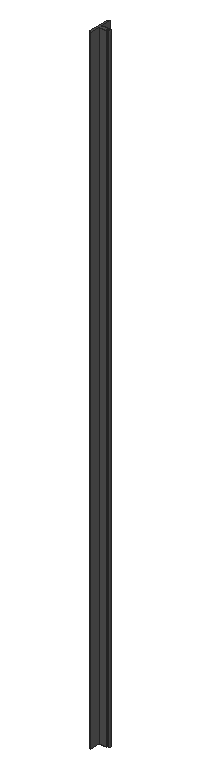
Revit family "Haworth_Enclose_Accessories_WallTMount", category Furniture Systems, Revit 2018
Family settings
  Round Connector Dimension = Use Diameter
  Part Type = Normal
  OmniClass Number = 23.25.40.14
  OmniClass Title = Demountable Partitions
  Work Plane-Based = No
  Always vertical = Yes
  Cut with Voids When Loaded = No
  Shared = No
  Room Calculation Point = No
Parameters (values of type "T-Mount")
  Warranty = "http://www.haworth.com/resources/product-info/warranties"
  URL - Product = "http://www.haworth.com/products/architectural-interiors/moveable-walls/enclose"
  Type Comments = ""
  Sustainability Info = "http://www.haworth.com/company-info/sustainablility"
  Model = "Haworth_Enclose-Accessories"  # constant formula
  Min/ Max Height = "84-144 in."  # constant formula
  Min. Height = 84"  # constant formula
  Max. Height = 144"  # constant formula
  Description = "Wall_T-Mount"  # constant formula
  Material Options = "http://surfaces.haworth.com/haworth-surface-collection"
  URL = "www.haworth.com"
  Revision Number = "2"  # constant formula
  Manufacturer = "Haworth"  # constant formula
  Height = 108"
  Depth = 4"  # constant formula
  Connector Finish = Haworth _ Polymer _ Black
  Author = "Haworth (Hampton)"  # constant formula
  Assembly Code = "C1010200"
  Actual Height = if(Height < Min. Height, Min. Height, if(Height > Max. Height, Max. Height, Height))  # 108"
Reference planes (in)
  plane 1 "Center F/B": y = 0.61031
  plane 2: z = 0
  plane 3 "Center L/R": x = 1.1802
  plane 4: y = 2.61031
  plane 5: y = -1.38969
  plane 6 "Top": z = 108
Forms (in)
  Extrusion 1, solid, material "Haworth _ Polymer _ Black" <- "Connector Finish"
    sketch origin (0, 0, 0) x (1, 0, 0) y (0, 1, 0)
      loop
        line (1.1802, 2.61031) -> (1.1802, 2.41531) -> (1.0252, 2.41531) -> (1.0252, -1.19469) -> (1.1802, -1.19469) -> (1.1802, -1.38969) -> (1.4302, -1.38969) -> (1.4302, 0.2796) -> (2.65855, 0.2796) -> (2.65855, 0.37409) -> (2.93222, 0.37409)
        arc (2.93222, 0.37409) -> (3.07888, 0.61031) -> (2.93222, 0.84653) r 0.26357
        line (2.93222, 0.84653) -> (2.65855, 0.84653) -> (2.65855, 0.94102) -> (1.4302, 0.94102) -> (1.4302, 2.61031) -> (1.1802, 2.61031)
    from 0 to 108
Dimensions and locks (in)
  "Depth": plane 4 to plane 5
  equal spacing: plane 4, plane 1 "Center F/B", plane 5
  "Height": plane 6 "Top" to plane 2
  "Actual Height": plane 6 "Top" to level
  locked: Extrusion 1 sketch curve to Extrusion 1 sketch curve at 0.155
  locked: Extrusion 1 sketch curve to Extrusion 1 sketch curve at 0.195  (x2)
  aligned and locked: Extrusion 1 sketch curve to plane 4
  aligned and locked: Extrusion 1 sketch curve to plane 5
  aligned and locked: Extrusion 1 sketch curve to plane 3 "Center L/R"  (x2)
  aligned and locked: plane 6 "Top" to Extrusion 1
Automatic sketch dimensions
  plane 1 "Center F/B" to Extrusion 1 sketch curve = 0"
  plane 3 "Center L/R" to Extrusion 1 sketch curve = 0.25"  (x2)
  Extrusion 1 sketch curve to Extrusion 1 sketch curve = 0"
  Extrusion 1 sketch curve to Extrusion 1 sketch curve = 0.15676"
  Extrusion 1 sketch curve to Extrusion 1 sketch curve = 0.11691"  (x2)
  plane 1 "Center F/B" to Extrusion 1 sketch curve = 0.33071"
  Extrusion 1 sketch curve to Extrusion 1 sketch curve = 0.09449"
  Extrusion 1 sketch curve to plane 1 "Center F/B" = 0.33071"
  Extrusion 1 sketch curve to Extrusion 1 sketch curve = 1.22835"
